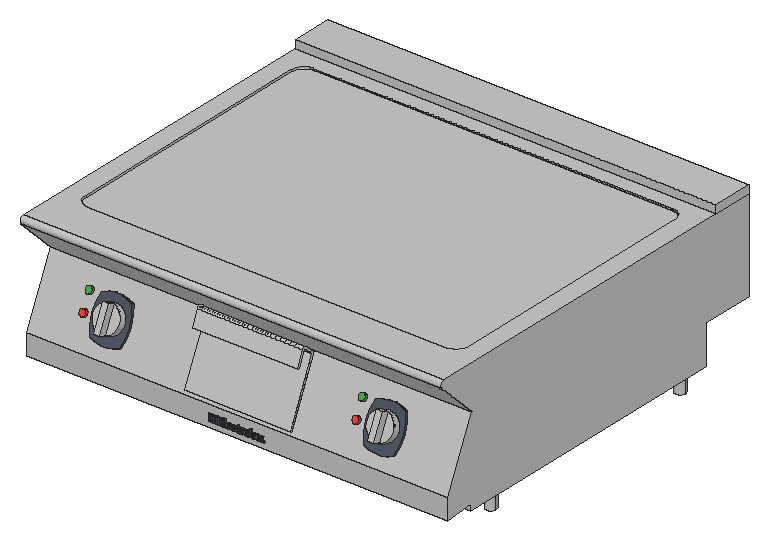
Revit family "QF_ELECTROLUXPROFESSIONAL_371347_E7IIMDAOMEA", category Specialty Equipment, Revit 2018
Family settings
  Round Connector Dimension = Use Diameter
  Part Type = Normal
  Work Plane-Based = No
  Always vertical = Yes
  Cut with Voids When Loaded = No
  Shared = No
  Room Calculation Point = No
Parameters
  Width = 800.1 mm  # constant formula
  Weight in Pounds = 185  # constant formula
  Watts = 8400 VA  # 8400 W
  Volts = 400 V  # constant formula
  URL Cutsheet = "www.electrolux.com/foodservice"
  URL = "www.electrolux.com/foodservice"
  Type Mark [instance] = ""
  Status [instance] = ""
  Specification by User [instance] = ""
  Specification by Manufacturer = ""
  Show Logo [instance] = yes
  Show Clearance [instance] = yes
  Serial Number = ""
  Seismic Rating = ""
  SMACNA No = ""
  Revision Code [instance] = ""
  Phase = 3  # constant formula
  Omniclass Number and Title = ""
  Number of Poles [instance] = 1
  NAFEM Spec ID Number = ""
  Model = "371187"
  Min Ckt Ampacity = 0 A
  Max Overcurrent Protection = 0 A
  Masterspec = ""
  Manufacturer = "ELECTROLUX"
  Item Number [instance] = ""
  Installed By [instance] = ""
  Identify Quantity as Lot [instance] = yes
  Height = 290.5 mm  # constant formula
  HP = "11.3 HP"
  Furnished By [instance] = ""
  Foodservice Equipment Identifier [instance] = yes
  FL Amps = if(Phase = 3, Watts / (Volts * 1.73), Watts / Volts)  # 12.1387 A
  Electrical Remarks [instance] = "400 V/3N ph/50/60 Hz"  # constant formula
  Electric Connection Type [instance] = ""
  Elec Conn RI Height [instance] = 0 mm
  Elec Conn Connection Height [instance] = 0 mm
  Direct Waste Size = 0"
  Description = "700XP Full Module Electricl Fry Top, 2/3 Smooth - 1/3 Ribbed Plate, Mild Steel - 400V"
  Depth = 730.25 mm  # constant formula
  Cycle [instance] = if([60 Hertz Option], 60 Hz, 50 Hz)  # 60 Hz
  Conn Plug = ""
  Conn Conduit = yes
  CSI MasterFormat = ""
  CSI Master Format = ""
  Base Height [instance] = 25.4 mm
  Apparent Power = if(Phase = 3, Volts * FL Amps * 1.73, Volts * FL Amps)  # 8400 VA
  60 Hertz Option [instance] = not([50 Hertz Option])  # yes
  50 Hertz Option [instance] = no
Reference planes
  plane 1 "BACK": y = 0
  plane 2: z = 0
  plane 3 "LEFT": x = 0
  plane 4 "RIGHT": x = 800.1
  plane 5 "FRONT": y = -730.25
  plane 6 "TOP": z = 290.5
  plane 7 "Center Y": x = 400.05
  plane 8 "Center X": y = -365.125
  plane 9 "BASE": z = 25.4
Forms (mm)
  Extrusion 1, solid, material "QF_Finishes_Clearance", visible <- "Show Clearance", detail levels coarse
    sketch origin (0, 0, 0) x (1, 0, 0) y (0, 1, 0)
      loop
        line (0, -730.25) -> (0, 0) -> (800.1, 0) -> (800.1, -730.25) -> (950.119, -730.25) -> (950.119, 150.019) -> (-150.019, 150.019) -> (-150.019, -730.25) -> (0, -730.25)
    from 0 to 290.5
  Extrusion 2, solid, material "QF_Finishes_Stainless Steel"
    sketch origin (0, 0, 0) x (0, 1, 0) y (0, 0, 1)
      loop
        line (0, 275.388) -> (-722.94, 275.388)
        arc (-722.94, 275.388) -> (-729.701, 270.87) -> (-728.114, 262.895) r 7.318
        line (-728.114, 262.895) -> (-657.676, 192.457) -> (-713.772, 70.59) -> (-713.772, 32.49) -> (-660.4, 38.1) -> (-660.4, 25.4) -> (-101.6, 25.4) -> (-101.6, 100.012) -> (0, 100.012) -> (0, 275.388)
    from 0 to 800.1
  Extrusion 3, void
    sketch origin (0, 0, 275.388) x (1, 0, 0) y (0, -1, 0)
      loop
        line (60.425, 104.885) -> (739.675, 104.885)
        arc (739.675, 104.885) -> (757.636, 112.324) -> (765.075, 130.285) r 25.4
        line (765.075, 130.285) -> (765.075, 619.485)
        arc (765.075, 619.485) -> (757.636, 637.445) -> (739.675, 644.885) r 25.4
        line (739.675, 644.885) -> (60.425, 644.885)
        arc (60.425, 644.885) -> (42.464, 637.445) -> (35.025, 619.485) r 25.4
        line (35.025, 619.485) -> (35.025, 130.285)
        arc (35.025, 130.285) -> (42.464, 112.324) -> (60.425, 104.885) r 25.4
    from 0 to 3.2
  Extrusion 4, solid, material "QF_Finishes_Stainless Steel"
    sketch origin (0, 0, 0) x (1, 0, 0) y (0, 1, 0)
      loop
        circle (11.112, -147.638) r 9.525
      loop
        circle (11.112, -597.884) r 9.525
      loop
        circle (788.987, -147.638) r 9.525
      loop
        circle (788.987, -597.884) r 9.525
    from 0 to 25.4
  Extrusion 5, solid, material "QF_Finishes_Stainless Steel"
    sketch origin (0, -101.6, 100.012) x (0, 0, -1) y (-1, 0, 0)
      loop
        circle (40.707, -749.3) r 12.7
    from 0 to 3.175
  Extrusion 6, solid, material "QF_Finishes_Stainless Steel"
    sketch origin (400.05, 175.397, 1219.2) x (0, 1, 0) y (0, 0, 1)
      loop
        line (-834.228, -1029.241) -> (-850.635, -1012.834)
        arc (-850.635, -1012.834) -> (-855.102, -1011.432) -> (-858.806, -1014.296) r 5.058
        line (-858.806, -1014.296) -> (-871.468, -1041.806) -> (-868.584, -1043.134) -> (-855.922, -1015.624)
        arc (-855.922, -1015.624) -> (-854.543, -1014.557) -> (-852.88, -1015.079) r 1.883
        line (-852.88, -1015.079) -> (-838.037, -1029.922) -> (-888.871, -1140.367) -> (-885.987, -1141.695) -> (-834.228, -1029.241)
    from 100 to -100
  Extrusion 7, solid, material "QF_Finishes_Drawer Clearance", visible <- "Show Clearance", detail levels coarse
    sketch origin (293.7, -101.6, 0) x (0, 1, 0) y (0, 0, 1)
      loop
        line (-660.751, 176.066) -> (-648.089, 203.576)
        arc (-648.089, 203.576) -> (-646.71, 204.643) -> (-645.046, 204.121) r 1.883
        line (-645.046, 204.121) -> (-630.204, 189.278) -> (-681.037, 78.833) -> (-678.153, 77.505) -> (-608.989, 77.505) -> (-557.231, 189.959) -> (-573.638, 206.366)
        arc (-573.638, 206.366) -> (-574.873, 207.273) -> (-576.323, 207.768) r 5.058
        line (-576.323, 207.768) -> (-647.269, 207.768)
        arc (-647.269, 207.768) -> (-649.472, 206.79) -> (-650.973, 204.904) r 5.058
        line (-650.973, 204.904) -> (-663.635, 177.394) -> (-660.751, 176.066)
    from 6.35 to 206.35
  Extrusion 8, solid, material "QF_Finishes_Navy Blue"
    sketch origin (0, -713.772, 70.59) x (0, 0.418137, 0.908384) y (-1, 0, 0)
      loop
        arc (100.548, -111.195) -> (65.254, -103.821) -> (29.891, -110.852) r 90.252
        arc (29.891, -110.852) -> (23.059, -139.635) -> (29.652, -168.474) r 65.19
        arc (29.652, -168.474) -> (65.166, -175.722) -> (100.621, -168.194) r 88.914
        arc (100.621, -168.194) -> (107.168, -139.686) -> (100.548, -111.195) r 64.978
    from 0 to 3.175
  Extrusion 9, solid, material "QF_Finishes_Stainless Steel"
    sketch origin (-21.25, -717.485, 70.116) x (0, 0.418137, 0.908384) y (-1, 0, 0)
      loop
        circle (68.826, -160.963) r 25.4
    from 0 to 12.7
  Extrusion 10, solid, material "QF_Finishes_Stainless Steel"
    sketch origin (-21.25, -729.022, 75.427) x (0, 0.418137, 0.908384) y (-1, 0, 0)
      loop
        arc (93.558, -166.749) -> (94.226, -160.963) -> (93.558, -155.177) r 25.4
        line (93.558, -155.177) -> (44.094, -155.177)
        arc (44.094, -155.177) -> (43.426, -160.963) -> (44.094, -166.749) r 25.4
        line (44.094, -166.749) -> (93.558, -166.749)
    from 0 to 12.7
  Extrusion 11, solid, material "QF_Finishes_Red"
    sketch origin (0, -713.772, 70.59) x (0, 0.418137, 0.908384) y (-1, 0, 0)
      loop
        circle (60.004, -87.788) r 6.35
    from 0 to 3.175
  Extrusion 12, solid, material "QF_Finishes_Red"
    sketch origin (0, -713.772, 70.59) x (0, 0.418137, 0.908384) y (-1, 0, 0)
      loop
        circle (60.004, -607.001) r 6.35
    from 0 to 3.175
  Extrusion 13, solid, material "QF_Finishes_Green"
    sketch origin (0, -713.772, 70.59) x (0, 0.418137, 0.908384) y (-1, 0, 0)
      loop
        circle (95.7, -87.788) r 6.35
    from 0 to 3.175
  Extrusion 14, solid, material "QF_Finishes_Green"
    sketch origin (0, -713.772, 70.59) x (0, 0.418137, 0.908384) y (-1, 0, 0)
      loop
        circle (95.7, -607.001) r 6.35
    from 0 to 3.175
  Extrusion 15, solid, material "QF_Finishes_Stainless Steel"
    sketch origin (0, 0, 0) x (0, 1, 0) y (0, 0, 1)
      loop
        line (0, 275.388) -> (0, 290.5) -> (-76.2, 290.5) -> (-76.2, 275.388) -> (0, 275.388)
    from 0 to 800.1
  Extrusion 16, solid, material "QF_Finishes_Stainless Steel"
    sketch origin (821.35, -717.485, 70.116) x (0, 0.418137, 0.908384) y (-1, 0, 0)
      loop
        circle (68.826, 160.963) r 25.4
    from 0 to 12.7
  Extrusion 17, solid, material "QF_Finishes_Stainless Steel"
    sketch origin (821.35, -729.022, 75.427) x (0, 0.418137, 0.908384) y (-1, 0, 0)
      loop
        line (93.558, 166.749) -> (44.094, 166.749)
        arc (44.094, 166.749) -> (43.426, 160.963) -> (44.094, 155.177) r 25.4
        line (44.094, 155.177) -> (93.558, 155.177)
        arc (93.558, 155.177) -> (94.226, 160.963) -> (93.558, 166.749) r 25.4
    from 0 to 12.7
  Extrusion 18, solid, material "QF_Finishes_Navy Blue"
    sketch origin (800.1, -713.772, 70.59) x (0, 0.418137, 0.908384) y (-1, 0, 0)
      loop
        arc (100.548, 111.2) -> (107.167, 139.689) -> (100.621, 168.194) r 64.977
        arc (100.621, 168.194) -> (65.165, 175.601) -> (29.652, 168.469) r 90.248
        arc (29.652, 168.469) -> (23.06, 139.633) -> (29.891, 110.852) r 65.189
        arc (29.891, 110.852) -> (65.255, 103.729) -> (100.548, 111.2) r 89.179
    from 0 to 3.175
  Extrusion 19, solid, material "QF_Finishes_Navy Blue", visible <- "Show Logo"
    sketch origin (58.349, -713.772, 35.665) x (0, 0, 1) y (-1, 0, 0)
      loop
        line (20.674, -296.698) -> (8.307, -296.698)
        arc (8.307, -296.698) -> (14.491, -301.27) -> (20.674, -296.698) r 6.467
      loop
        arc (20.674, -296.069) -> (19.505, -290.926) -> (14.849, -288.448) r 6.338
        line (14.849, -288.448) -> (14.849, -290.494)
        arc (14.849, -290.494) -> (16.333, -294.149) -> (19.778, -296.069) r 5.941
        line (19.778, -296.069) -> (20.674, -296.069)
      loop
        arc (9.203, -296.069) -> (12.648, -294.149) -> (14.132, -290.494) r 5.941
        line (14.132, -290.494) -> (14.132, -288.448)
        arc (14.132, -288.448) -> (9.438, -290.922) -> (8.148, -296.069) r 6.504
        line (8.148, -296.069) -> (9.203, -296.069)
      loop
        line (21.349, -287.979) -> (7.604, -287.979) -> (7.604, -301.742) -> (21.349, -301.742) -> (21.349, -287.979)
      loop
        arc (21.432, -304.71) -> (21.085, -304.352) -> (20.718, -304.69) r 0.358
        arc (20.718, -304.69) -> (20.404, -305.44) -> (19.687, -305.825) r 1.216
        line (19.687, -305.825) -> (9.274, -305.825)
        arc (9.274, -305.825) -> (8.614, -305.548) -> (8.218, -304.951) r 1.238
        arc (8.218, -304.951) -> (7.823, -304.7) -> (7.518, -305.054) r 0.358
        line (7.518, -305.054) -> (7.518, -314.933) -> (10.269, -314.933) -> (10.269, -314.036)
        arc (10.269, -314.036) -> (9.36, -313.456) -> (8.904, -312.479) r 1.928
        line (8.904, -312.479) -> (8.904, -309.98)
        arc (8.904, -309.98) -> (9.18, -309.251) -> (9.868, -308.887) r 1.101
        line (9.868, -308.887) -> (13.955, -308.887) -> (13.955, -312.561)
        arc (13.955, -312.561) -> (13.602, -313.058) -> (13.037, -313.286) r 1.083
        arc (13.037, -313.286) -> (12.773, -313.591) -> (13.065, -313.869) r 0.292
        line (13.065, -313.869) -> (16.028, -313.869)
        arc (16.028, -313.869) -> (16.33, -313.596) -> (16.092, -313.266) r 0.305
        arc (16.092, -313.266) -> (15.601, -313.018) -> (15.296, -312.561) r 1.083
        line (15.296, -312.561) -> (15.296, -308.887) -> (19.973, -308.887) -> (19.973, -312.635)
        arc (19.973, -312.635) -> (19.759, -313.39) -> (19.153, -313.888) r 1.314
        arc (19.153, -313.888) -> (18.934, -314.292) -> (19.288, -314.585) r 0.361
        line (19.288, -314.585) -> (21.432, -314.585) -> (21.432, -304.71)
      loop
        arc (20.715, -315.365) -> (20.335, -316.284) -> (19.416, -316.664) r 1.299
        line (19.416, -316.664) -> (9.837, -316.664)
        arc (9.837, -316.664) -> (8.999, -316.286) -> (8.728, -315.408) r 1.118
        line (8.728, -315.408) -> (7.518, -315.408) -> (7.518, -320.758) -> (8.706, -320.758)
        arc (8.706, -320.758) -> (8.978, -319.841) -> (9.848, -319.445) r 1.153
        line (9.848, -319.445) -> (21.92, -319.445) -> (20.715, -315.365)
      loop
        line (12.483, -323.394) -> (12.483, -329.842) -> (13.282, -329.842)
        arc (13.282, -329.842) -> (15.862, -328.857) -> (17.131, -326.404) r 3.874
        line (17.131, -326.404) -> (17.131, -324.643)
        arc (17.131, -324.643) -> (15.944, -321.778) -> (13.08, -320.592) r 4.051
        line (13.08, -320.592) -> (11.072, -320.592)
        arc (11.072, -320.592) -> (8.253, -322.077) -> (7.202, -325.084) r 4.352
        arc (7.202, -325.084) -> (7.566, -327.547) -> (8.943, -329.621) r 5.713
        line (8.943, -329.621) -> (9.892, -329.621)
        arc (9.892, -329.621) -> (9.16, -328.052) -> (8.943, -326.334) r 5.579
        arc (8.943, -326.334) -> (9.737, -324.371) -> (11.616, -323.394) r 3.057
        line (11.616, -323.394) -> (12.483, -323.394)
      loop
        line (13.742, -323.394) -> (13.742, -326.977)
        arc (13.742, -326.977) -> (15.199, -327.024) -> (16.082, -325.864) r 1.59
        line (16.082, -325.864) -> (16.082, -325.034)
        arc (16.082, -325.034) -> (15.217, -323.779) -> (13.742, -323.394) r 2.184
      loop
        arc (16.533, -339.259) -> (17.022, -337.585) -> (17.179, -335.848) r 9.023
        line (17.179, -335.848) -> (17.179, -334.486)
        arc (17.179, -334.486) -> (16.02, -331.686) -> (13.22, -330.527) r 3.959
        line (13.22, -330.527) -> (10.62, -330.527)
        arc (10.62, -330.527) -> (8.338, -331.819) -> (7.221, -334.192) r 4.331
        line (7.221, -334.192) -> (7.221, -336.327)
        arc (7.221, -336.327) -> (7.729, -337.877) -> (8.651, -339.223) r 5.772
        arc (8.651, -339.223) -> (9.412, -339.274) -> (9.499, -338.515) r 0.553
        arc (9.499, -338.515) -> (9.111, -337.781) -> (8.977, -336.962) r 2.573
        line (8.977, -336.962) -> (8.977, -335.447)
        arc (8.977, -335.447) -> (9.983, -333.806) -> (11.798, -333.163) r 2.884
        line (11.798, -333.163) -> (13.077, -333.163)
        arc (13.077, -333.163) -> (14.898, -333.723) -> (15.824, -335.388) r 2.554
        line (15.824, -335.388) -> (15.824, -336.441)
        arc (15.824, -336.441) -> (15.493, -337.369) -> (14.836, -338.104) r 2.564
        arc (14.836, -338.104) -> (14.614, -338.821) -> (15.223, -339.259) r 0.643
        line (15.223, -339.259) -> (16.533, -339.259)
      loop
        line (15.515, -339.53) -> (15.515, -341.031) -> (9.467, -341.031)
        arc (9.467, -341.031) -> (7.879, -341.688) -> (7.221, -343.276) r 2.246
        line (7.221, -343.276) -> (7.221, -344.86)
        arc (7.221, -344.86) -> (7.535, -345.725) -> (8.035, -346.496) r 4.06
        arc (8.035, -346.496) -> (8.768, -346.629) -> (9.019, -345.928) r 0.576
        arc (9.019, -345.928) -> (8.913, -345.403) -> (8.977, -344.87) r 1.69
        arc (8.977, -344.87) -> (9.519, -344.082) -> (10.425, -343.779) r 1.506
        line (10.425, -343.779) -> (15.563, -343.779) -> (15.563, -346.176) -> (16.119, -346.733) -> (16.941, -346.733) -> (16.941, -343.873) -> (20.172, -343.873) -> (15.515, -339.53)
      loop
        line (7.438, -347.63) -> (7.438, -353.017) -> (8.548, -353.017)
        arc (8.548, -353.017) -> (8.942, -352.066) -> (9.893, -351.672) r 1.345
        line (9.893, -351.672) -> (13.509, -351.672)
        arc (13.509, -351.672) -> (14.274, -352.264) -> (14.564, -353.186) r 1.615
        line (14.564, -353.186) -> (14.564, -354.742) -> (17.119, -355.427) -> (17.119, -354.044) -> (15.177, -351.485) -> (17.057, -351.485) -> (16.773, -348.779)
        arc (16.773, -348.779) -> (16.333, -348.249) -> (15.674, -348.45) r 0.621
        arc (15.674, -348.45) -> (15.274, -348.792) -> (14.78, -348.975) r 1.501
        line (14.78, -348.975) -> (9.893, -348.975)
        arc (9.893, -348.975) -> (8.942, -348.581) -> (8.548, -347.63) r 1.345
        line (8.548, -347.63) -> (7.438, -347.63)
      loop
        line (13.54, -354.964) -> (10.848, -354.964)
        arc (10.848, -354.964) -> (8.403, -356.272) -> (7.269, -358.803) r 4.288
        arc (7.269, -358.803) -> (7.205, -360.183) -> (7.269, -361.563) r 15.022
        arc (7.269, -361.563) -> (8.403, -364.094) -> (10.848, -365.401) r 4.288
        line (10.848, -365.401) -> (13.54, -365.401)
        arc (13.54, -365.401) -> (15.986, -364.094) -> (17.119, -361.563) r 4.288
        arc (17.119, -361.563) -> (17.183, -360.183) -> (17.119, -358.803) r 15.022
        arc (17.119, -358.803) -> (15.986, -356.272) -> (13.54, -354.964) r 4.288
      loop
        line (13.745, -358.078) -> (10.643, -358.078)
        arc (10.643, -358.078) -> (8.486, -360.235) -> (10.643, -362.392) r 2.157
        line (10.643, -362.392) -> (13.745, -362.392)
        arc (13.745, -362.392) -> (15.902, -360.235) -> (13.745, -358.078) r 2.157
      loop
        arc (20.726, -365.26) -> (20.355, -366.154) -> (19.461, -366.524) r 1.264
        line (19.461, -366.524) -> (9.597, -366.524)
        arc (9.597, -366.524) -> (8.727, -366.127) -> (8.455, -365.211) r 1.153
        line (8.455, -365.211) -> (7.518, -365.211) -> (7.518, -370.319) -> (8.446, -370.319)
        arc (8.446, -370.319) -> (8.805, -369.547) -> (9.597, -369.232) r 1.153
        line (9.597, -369.232) -> (21.92, -369.232) -> (20.726, -365.26)
      loop
        arc (15.846, -369.857) -> (15.647, -370.921) -> (14.678, -371.403) r 1.215
        line (14.678, -371.403) -> (9.658, -371.403)
        arc (9.658, -371.403) -> (8.043, -372.051) -> (7.322, -373.634) r 2.338
        line (7.322, -373.634) -> (7.322, -375.148)
        arc (7.322, -375.148) -> (7.497, -376.152) -> (7.999, -377.038) r 2.979
        line (7.999, -377.038) -> (7.518, -378.835) -> (7.518, -380.524) -> (16.943, -380.524) -> (16.649, -376.32) -> (15.863, -376.32)
        arc (15.863, -376.32) -> (15.507, -377.156) -> (14.755, -377.665) r 1.605
        line (14.755, -377.665) -> (9.652, -377.665)
        arc (9.652, -377.665) -> (9.232, -376.728) -> (9.159, -375.704) r 2.94
        arc (9.159, -375.704) -> (9.72, -374.603) -> (10.873, -374.16) r 1.724
        line (10.873, -374.16) -> (17.07, -374.16) -> (15.846, -369.857)
      loop
        line (16.874, -381.377) -> (15.202, -383.423) -> (12.028, -385.729) -> (8.572, -382.617)
        arc (8.572, -382.617) -> (8.335, -382.223) -> (8.357, -381.764) r 0.789
        line (8.357, -381.764) -> (7.518, -381.764) -> (7.518, -385.309) -> (8.344, -385.309)
        arc (8.344, -385.309) -> (8.686, -384.947) -> (9.176, -385.039) r 0.52
        line (9.176, -385.039) -> (10.976, -386.51) -> (8.858, -387.886)
        arc (8.858, -387.886) -> (8.457, -387.576) -> (8.37, -387.076) r 0.7
        line (8.37, -387.076) -> (7.518, -387.076) -> (7.518, -393.003) -> (8.405, -393.003)
        arc (8.405, -393.003) -> (8.472, -392.344) -> (8.866, -391.813) r 1.247
        line (8.866, -391.813) -> (13.066, -388.532) -> (15.513, -390.585) -> (16.874, -392.327) -> (16.874, -388.604) -> (15.389, -389.026) -> (13.868, -387.749) -> (15.568, -386.559) -> (16.874, -387.336) -> (16.874, -381.377)
    from 0 to 1.644
Cuts and joins
  Extrusion 3 cuts Extrusion 1
  Extrusion 3 cuts Extrusion 2
Lines and regions (mm)
  symbolic lines, style "QF-Clearances", visible <- "Show Clearance", detail levels coarse
    curve 1: line (-150.019, 150.019, 274.638) -> (-150.019, -730.25, 274.638)
    curve 2: line (950.119, 150.019, 274.638) -> (-150.019, 150.019, 274.638)
    curve 3: line (950.119, -730.25, 274.638) -> (950.119, 150.019, 274.638)
  symbolic lines
    curve 4: line (0, 0, 274.638) -> (800.1, 0, 274.638)
    curve 5: line (0, -730.25, 274.638) -> (0, 0, 274.638)
    curve 6: line (800.1, 0, 274.638) -> (800.1, -730.25, 274.638)
    curve 7: arc (35.025, -619.485, 274.638) -> (42.464, -637.445, 274.638) -> (60.425, -644.885, 274.638) r 25.4
    curve 8: arc (739.315, -644.885, 274.638) -> (757.836, -637.213, 274.638) -> (765.507, -618.692, 274.638) r 26.193
    curve 9: line (0, -76.2, 274.638) -> (800.1, -76.2, 274.638)
    curve 10: line (800.1, -730.25, 274.638) -> (0, -730.25, 274.638)
    curve 11: arc (64.125, -104.885, 274.638) -> (43.548, -113.408, 274.638) -> (35.025, -133.985, 274.638) r 29.1
    curve 12: arc (739.963, -104.885, 274.638) -> (758.026, -112.367, 274.638) -> (765.507, -130.429, 274.638) r 25.544
    curve 13: line (60.425, -644.885, 274.638) -> (739.315, -644.885, 274.638)
    curve 17: line (35.025, -133.985, 274.638) -> (35.025, -619.485, 274.638)
    curve 18: line (64.125, -104.885, 274.638) -> (739.963, -104.885, 274.638)
    curve 19: line (765.507, -130.429, 274.638) -> (765.507, -618.692, 274.638)
  symbolic lines, style "QF_Drawer Clearance", visible <- "Show Clearance", detail levels coarse
    curve 14: line (300.05, -782.637, 274.638) -> (500.05, -782.637, 274.638)
    curve 15: line (500.05, -782.637, 274.638) -> (500.05, -730.25, 274.638)
    curve 16: line (300.05, -782.637, 274.638) -> (300.05, -730.25, 274.638)
Dimensions and locks
  equal spacing: plane 3 "LEFT", plane 7 "Center Y", plane 4 "RIGHT"
  "Width": plane 3 "LEFT" to plane 4 "RIGHT"
  equal spacing: plane 5 "FRONT", plane 8 "Center X", plane 1 "BACK"
  "Depth": plane 5 "FRONT" to plane 1 "BACK"
  plane 1 "BACK" to plane 5 "FRONT" = 730.25 mm
  "Base Height": plane 9 "BASE" to level
  plane 9 "BASE" to level = 25.4 mm
  "Height": plane 6 "TOP" to level
  aligned and locked: level to plane 2
  aligned and locked: plane 6 "TOP" to Extrusion 1
  aligned and locked: plane 4 "RIGHT" to cut or joined group of Extrusion 2, Extrusion 3
  aligned and locked: plane 4 "RIGHT" to Extrusion 15
Automatic sketch dimensions
  plane 5 "FRONT" to Extrusion 1 sketch curve = 0 mm  (x2)
  plane 1 "BACK" to Extrusion 1 sketch curve = 0 mm
  Extrusion 1 sketch curve to plane 3 "LEFT" = 0 mm
  Extrusion 1 sketch curve to plane 4 "RIGHT" = 0 mm
  Extrusion 1 sketch curve to plane 3 "LEFT" = 150.019 mm
  plane 4 "RIGHT" to Extrusion 1 sketch curve = 150.019 mm
  Extrusion 1 sketch curve to plane 1 "BACK" = 150.019 mm
  Extrusion 2 sketch curve to plane 9 "BASE" = 0 mm
  Extrusion 2 sketch curve to plane 1 "BACK" = 0 mm
  plane 1 "BACK" to Extrusion 2 sketch curve = 101.6 mm
  Extrusion 2 sketch curve to plane 5 "FRONT" = 72.574 mm
  plane 9 "BASE" to Extrusion 2 sketch curve = 12.7 mm
  Extrusion 2 sketch curve to plane 5 "FRONT" = 69.85 mm
  Extrusion 2 sketch curve to plane 5 "FRONT" = 16.478 mm
  Extrusion 2 sketch curve to plane 5 "FRONT" = 7.31 mm
  Extrusion 2 sketch curve to plane 5 "FRONT" = 2.136 mm
  plane 9 "BASE" to Extrusion 2 sketch curve = 7.09 mm
  Extrusion 2 sketch curve to Extrusion 2 sketch curve = 38.1 mm
  plane 9 "BASE" to Extrusion 2 sketch curve = 74.612 mm
  Extrusion 2 sketch curve to plane 6 "TOP" = 98.043 mm
  Extrusion 2 sketch curve to plane 6 "TOP" = 27.605 mm
  Extrusion 2 sketch curve to Extrusion 2 sketch curve = 5.174 mm
  Extrusion 2 to Extrusion 3 sketch curve = 35.025 mm
  Extrusion 3 sketch curve to Extrusion 3 sketch curve = 25.4 mm  (x3)
  Extrusion 2 to Extrusion 3 sketch curve = 60.425 mm  (x2)
  Extrusion 2 to Extrusion 3 sketch curve = 78.055 mm
  Extrusion 2 to Extrusion 3 sketch curve = 130.285 mm
  plane 3 "LEFT" to Extrusion 4 sketch curve = 11.112 mm  (x2)
  Extrusion 4 sketch curve to plane 4 "RIGHT" = 11.113 mm  (x2)
  Extrusion 4 sketch curve to plane 5 "FRONT" = 132.366 mm  (x2)
  plane 1 "BACK" to Extrusion 4 sketch curve = 147.638 mm  (x2)
  Extrusion 2 to Extrusion 5 sketch curve = 33.906 mm
  Extrusion 2 to Extrusion 5 sketch curve = 50.8 mm
  Extrusion 6 sketch curve to Extrusion 6 sketch curve = 0 mm  (x2)
  Extrusion 6 sketch curve to plane 5 "FRONT" = 16.776 mm
  Extrusion 6 sketch curve to Extrusion 6 sketch curve = 2.884 mm  (x3)
  Extrusion 6 sketch curve to plane 5 "FRONT" = 34.179 mm
  Extrusion 6 sketch curve to Extrusion 6 sketch curve = 12.662 mm
  Extrusion 6 sketch curve to Extrusion 6 sketch curve = 1.711 mm
  Extrusion 6 sketch curve to Extrusion 6 sketch curve = 1.332 mm
  Extrusion 6 sketch curve to Extrusion 6 sketch curve = 2.245 mm
  Extrusion 6 sketch curve to Extrusion 6 sketch curve = 14.843 mm
  Extrusion 6 sketch curve to Extrusion 6 sketch curve = 3.809 mm
  plane 9 "BASE" to Extrusion 6 sketch curve = 52.105 mm
  Extrusion 6 sketch curve to Extrusion 6 sketch curve = 1.327 mm  (x2)
  Extrusion 6 sketch curve to Extrusion 6 sketch curve = 13.211 mm
  Extrusion 6 sketch curve to Extrusion 6 sketch curve = 0.787 mm
  Extrusion 7 sketch curve to Extrusion 7 sketch curve = 0 mm  (x2)
  plane 5 "FRONT" to Extrusion 7 sketch curve = 52.387 mm
  Extrusion 7 sketch curve to Extrusion 7 sketch curve = 2.884 mm  (x3)
  plane 5 "FRONT" to Extrusion 7 sketch curve = 34.985 mm
  plane 5 "FRONT" to Extrusion 7 sketch curve = 22.323 mm
  Extrusion 7 sketch curve to Extrusion 7 sketch curve = 0.82 mm
  Extrusion 7 sketch curve to Extrusion 7 sketch curve = 1.711 mm
  Extrusion 7 sketch curve to Extrusion 7 sketch curve = 1.332 mm
  plane 5 "FRONT" to Extrusion 7 sketch curve = 1.554 mm
  Extrusion 7 sketch curve to plane 5 "FRONT" = 19.661 mm
  Extrusion 7 sketch curve to plane 5 "FRONT" = 51.436 mm
  Extrusion 7 sketch curve to Extrusion 7 sketch curve = 0.891 mm
  Extrusion 7 sketch curve to Extrusion 7 sketch curve = 2.686 mm
  Extrusion 7 sketch curve to Extrusion 7 sketch curve = 16.406 mm
  plane 9 "BASE" to Extrusion 7 sketch curve = 52.105 mm
  Extrusion 7 sketch curve to Extrusion 7 sketch curve = 1.327 mm  (x2)
  Extrusion 7 sketch curve to Extrusion 7 sketch curve = 13.211 mm
  Extrusion 7 sketch curve to Extrusion 7 sketch curve = 0.681 mm
  Extrusion 7 sketch curve to Extrusion 7 sketch curve = 0.787 mm
  Extrusion 7 sketch curve to Extrusion 7 sketch curve = 4.979 mm
  Extrusion 8 sketch curve to Extrusion 2 = 29.652 mm
  Extrusion 8 sketch curve to Extrusion 2 = 29.891 mm
  Extrusion 8 sketch curve to Extrusion 8 sketch curve = 12.538 mm
  Extrusion 8 sketch curve to Extrusion 8 sketch curve = 35.163 mm
  Extrusion 8 sketch curve to Extrusion 8 sketch curve = 34.925 mm
  Extrusion 2 to Extrusion 8 sketch curve = 45.909 mm
  Extrusion 8 sketch curve to Extrusion 8 sketch curve = 12.3 mm
  Extrusion 8 sketch curve to Extrusion 8 sketch curve = 12.373 mm
  Extrusion 2 to Extrusion 8 sketch curve = 194.072 mm
  Extrusion 8 sketch curve to Extrusion 8 sketch curve = 25.598 mm
  Extrusion 8 sketch curve to Extrusion 8 sketch curve = 25.878 mm
  Extrusion 8 sketch curve to Extrusion 8 sketch curve = 28.289 mm
  Extrusion 10 sketch curve to Extrusion 10 sketch curve = 24.732 mm
  Extrusion 10 sketch curve to Extrusion 10 sketch curve = 0 mm
  Extrusion 11 sketch curve to Extrusion 2 = 60.004 mm
  Extrusion 2 to Extrusion 11 sketch curve = 87.788 mm
  Extrusion 12 sketch curve to Extrusion 2 = 60.004 mm
  Extrusion 2 to Extrusion 12 sketch curve = 193.099 mm
  Extrusion 2 to Extrusion 13 sketch curve = 38.458 mm
  Extrusion 2 to Extrusion 13 sketch curve = 87.788 mm
  Extrusion 2 to Extrusion 14 sketch curve = 38.458 mm
  Extrusion 2 to Extrusion 14 sketch curve = 193.099 mm
  Extrusion 15 sketch curve to plane 6 "TOP" = 0 mm
  Extrusion 15 sketch curve to plane 1 "BACK" = 0 mm
  plane 1 "BACK" to Extrusion 15 sketch curve = 76.2 mm
  Extrusion 15 sketch curve to plane 6 "TOP" = 15.112 mm
  Extrusion 17 sketch curve to Extrusion 17 sketch curve = 24.732 mm
  Extrusion 17 sketch curve to Extrusion 17 sketch curve = 0 mm
  Extrusion 18 sketch curve to Extrusion 2 = 29.652 mm
  Extrusion 18 sketch curve to Extrusion 2 = 29.891 mm
  Extrusion 18 sketch curve to Extrusion 18 sketch curve = 12.538 mm
  Extrusion 18 sketch curve to Extrusion 18 sketch curve = 35.163 mm
  Extrusion 18 sketch curve to Extrusion 18 sketch curve = 34.925 mm
  Extrusion 2 to Extrusion 18 sketch curve = 45.909 mm
  Extrusion 18 sketch curve to Extrusion 18 sketch curve = 12.3 mm
  Extrusion 18 sketch curve to Extrusion 18 sketch curve = 12.373 mm
  Extrusion 2 to Extrusion 18 sketch curve = 85.354 mm
  Extrusion 18 sketch curve to Extrusion 18 sketch curve = 25.498 mm
  Extrusion 18 sketch curve to Extrusion 18 sketch curve = 25.846 mm
  Extrusion 18 sketch curve to Extrusion 18 sketch curve = 28.921 mm
  plane 5 "FRONT" to curve 3 = 0 mm
  plane 1 "BACK" to curve 4 = 0 mm
  curve 4 to plane 4 "RIGHT" = 0 mm
  plane 5 "FRONT" to curve 15 = 0 mm
  curve 5 to plane 3 "LEFT" = 0 mm
  plane 5 "FRONT" to curve 1 = 0 mm
  plane 4 "RIGHT" to curve 3 = 150.019 mm
  curve 8 to plane 4 "RIGHT" = 34.593 mm
  curve 12 to curve 12 = 25.544 mm
  curve 19 to curve 8 = 26.193 mm
  plane 7 "Center Y" to curve 15 = 100 mm
  curve 16 to plane 7 "Center Y" = 100 mm
  plane 3 "LEFT" to curve 18 = 64.125 mm
  plane 3 "LEFT" to curve 13 = 60.425 mm
  curve 7 to curve 7 = 25.4 mm
  curve 1 to plane 3 "LEFT" = 150.019 mm
  curve 1 to plane 1 "BACK" = 150.019 mm
  plane 1 "BACK" to curve 9 = 76.2 mm
  curve 9 to curve 18 = 28.685 mm
  curve 19 to plane 5 "FRONT" = 111.558 mm
  plane 5 "FRONT" to curve 14 = 52.387 mm
  plane 9 "BASE" to Extrusion 19 sketch curve = 12.426 mm
  plane 9 "BASE" to Extrusion 19 sketch curve = 17.467 mm
  plane 7 "Center Y" to Extrusion 19 sketch curve = 3.159 mm
  Extrusion 19 sketch curve to Extrusion 19 sketch curve = 5.06 mm
  Extrusion 19 sketch curve to Extrusion 19 sketch curve = 0 mm  (x28)
  Extrusion 19 sketch curve to Extrusion 19 sketch curve = 5.108 mm  (x2)
  Extrusion 19 sketch curve to Extrusion 19 sketch curve = 0.054 mm
  Extrusion 19 sketch curve to Extrusion 19 sketch curve = 0.218 mm
  Extrusion 19 sketch curve to Extrusion 19 sketch curve = 0.195 mm
  Extrusion 19 sketch curve to Extrusion 19 sketch curve = 0.249 mm
  plane 9 "BASE" to Extrusion 19 sketch curve = 17.783 mm
  Extrusion 19 sketch curve to Extrusion 19 sketch curve = 0.087 mm
  Extrusion 19 sketch curve to Extrusion 19 sketch curve = 0.358 mm
  Extrusion 19 sketch curve to Extrusion 19 sketch curve = 0.481 mm
  Extrusion 19 sketch curve to Extrusion 19 sketch curve = 0.597 mm
  Extrusion 19 sketch curve to Extrusion 19 sketch curve = 0.544 mm
  Extrusion 19 sketch curve to Extrusion 19 sketch curve = 0.936 mm
  Extrusion 19 sketch curve to Extrusion 19 sketch curve = 0.594 mm
  Extrusion 19 sketch curve to Extrusion 19 sketch curve = 0.343 mm
  Extrusion 19 sketch curve to Extrusion 19 sketch curve = 0.159 mm
  Extrusion 19 sketch curve to Extrusion 19 sketch curve = 0.826 mm
  Extrusion 19 sketch curve to Extrusion 19 sketch curve = 0.839 mm
  Extrusion 19 sketch curve to Extrusion 19 sketch curve = 0.852 mm
  Extrusion 19 sketch curve to Extrusion 19 sketch curve = 0.887 mm
  Extrusion 19 sketch curve to Extrusion 19 sketch curve = 0.928 mm
  Extrusion 19 sketch curve to Extrusion 19 sketch curve = 0.938 mm
  Extrusion 19 sketch curve to Extrusion 19 sketch curve = 0.444 mm
  Extrusion 19 sketch curve to Extrusion 19 sketch curve = 1.11 mm  (x3)
  Extrusion 19 sketch curve to Extrusion 19 sketch curve = 0.215 mm
  Extrusion 19 sketch curve to Extrusion 19 sketch curve = 1.43 mm
  Extrusion 19 sketch curve to Extrusion 19 sketch curve = 1.188 mm
  Extrusion 19 sketch curve to Extrusion 19 sketch curve = 1.21 mm  (x2)
  Extrusion 19 sketch curve to Extrusion 19 sketch curve = 0.503 mm
  Extrusion 19 sketch curve to Extrusion 19 sketch curve = 0.488 mm
  Extrusion 19 sketch curve to Extrusion 19 sketch curve = 0.462 mm
  Extrusion 19 sketch curve to Extrusion 19 sketch curve = 1.386 mm
  Extrusion 19 sketch curve to Extrusion 19 sketch curve = 1.742 mm  (x2)
  Extrusion 19 sketch curve to Extrusion 19 sketch curve = 0.821 mm
  Extrusion 19 sketch curve to Extrusion 19 sketch curve = 0.497 mm
  Extrusion 19 sketch curve to Extrusion 19 sketch curve = 0.539 mm
  Extrusion 19 sketch curve to Extrusion 19 sketch curve = 0.686 mm
  Extrusion 19 sketch curve to Extrusion 19 sketch curve = 0.408 mm
  Extrusion 19 sketch curve to Extrusion 19 sketch curve = 0.743 mm
  Extrusion 19 sketch curve to Extrusion 19 sketch curve = 1.16 mm
  Extrusion 19 sketch curve to Extrusion 19 sketch curve = 0.329 mm
  Extrusion 19 sketch curve to Extrusion 19 sketch curve = 1.054 mm
  Extrusion 19 sketch curve to Extrusion 19 sketch curve = 1.056 mm
  Extrusion 19 sketch curve to Extrusion 19 sketch curve = 0.129 mm
  Extrusion 19 sketch curve to Extrusion 19 sketch curve = 0.489 mm
  Extrusion 19 sketch curve to Extrusion 19 sketch curve = 0.441 mm
  Extrusion 19 sketch curve to Extrusion 19 sketch curve = 1.151 mm
  Extrusion 19 sketch curve to Extrusion 19 sketch curve = 1.141 mm  (x2)
  Extrusion 19 sketch curve to Extrusion 19 sketch curve = 0.768 mm
  Extrusion 19 sketch curve to Extrusion 19 sketch curve = 1.653 mm
  Extrusion 19 sketch curve to Extrusion 19 sketch curve = 0.499 mm
  Extrusion 19 sketch curve to Extrusion 19 sketch curve = 0.964 mm
  Extrusion 19 sketch curve to Extrusion 19 sketch curve = 0.949 mm
  Extrusion 19 sketch curve to Extrusion 19 sketch curve = 1.345 mm  (x2)
  Extrusion 19 sketch curve to Extrusion 19 sketch curve = 1.101 mm
  Extrusion 19 sketch curve to Extrusion 19 sketch curve = 0.432 mm
  Extrusion 19 sketch curve to Extrusion 19 sketch curve = 1.142 mm
  Extrusion 19 sketch curve to Extrusion 19 sketch curve = 0.959 mm
  Extrusion 19 sketch curve to Extrusion 19 sketch curve = 0.176 mm
  Extrusion 19 sketch curve to Extrusion 19 sketch curve = 0.728 mm
  Extrusion 19 sketch curve to Extrusion 19 sketch curve = 3.375 mm  (x2)
  Extrusion 19 sketch curve to Extrusion 19 sketch curve = 0.541 mm
  Extrusion 19 sketch curve to Extrusion 19 sketch curve = 0.955 mm
  Extrusion 19 sketch curve to Extrusion 19 sketch curve = 1.251 mm
  Extrusion 19 sketch curve to Extrusion 19 sketch curve = 0.572 mm
  Extrusion 19 sketch curve to Extrusion 19 sketch curve = 1.92 mm
  Extrusion 19 sketch curve to Extrusion 19 sketch curve = 1.224 mm
  Extrusion 19 sketch curve to Extrusion 19 sketch curve = 0.745 mm
  Extrusion 19 sketch curve to Extrusion 19 sketch curve = 2.537 mm
  Extrusion 19 sketch curve to Extrusion 19 sketch curve = 0.896 mm  (x3)
  Extrusion 19 sketch curve to Extrusion 19 sketch curve = 0.036 mm
  Extrusion 19 sketch curve to Extrusion 19 sketch curve = 2.607 mm
  Extrusion 19 sketch curve to Extrusion 19 sketch curve = 0.066 mm
  Extrusion 19 sketch curve to Extrusion 19 sketch curve = 0.248 mm
  Extrusion 19 sketch curve to Extrusion 19 sketch curve = 0.449 mm
  Extrusion 19 sketch curve to Extrusion 19 sketch curve = 1.052 mm
  Extrusion 19 sketch curve to Extrusion 19 sketch curve = 1.863 mm
  Extrusion 19 sketch curve to Extrusion 19 sketch curve = 1.31 mm  (x2)
  Extrusion 19 sketch curve to Extrusion 19 sketch curve = 0.901 mm
  Extrusion 19 sketch curve to Extrusion 19 sketch curve = 1.107 mm
  Extrusion 19 sketch curve to Extrusion 19 sketch curve = 2.122 mm
  Extrusion 19 sketch curve to Extrusion 19 sketch curve = 2.101 mm
  Extrusion 19 sketch curve to Extrusion 19 sketch curve = 0.106 mm
  Extrusion 19 sketch curve to Extrusion 19 sketch curve = 0.029 mm
  Extrusion 19 sketch curve to Extrusion 19 sketch curve = 2.09 mm
  Extrusion 19 sketch curve to Extrusion 19 sketch curve = 1.279 mm
  Extrusion 19 sketch curve to Extrusion 19 sketch curve = 2.008 mm
  Extrusion 19 sketch curve to Extrusion 19 sketch curve = 0.738 mm
  Extrusion 19 sketch curve to Extrusion 19 sketch curve = 0.382 mm
  Extrusion 19 sketch curve to Extrusion 19 sketch curve = 0.384 mm
  Extrusion 19 sketch curve to Extrusion 19 sketch curve = 0.002 mm
  Extrusion 19 sketch curve to Extrusion 19 sketch curve = 0.561 mm
  Extrusion 19 sketch curve to Extrusion 19 sketch curve = 0.592 mm
  Extrusion 19 sketch curve to Extrusion 19 sketch curve = 2.692 mm
  Extrusion 19 sketch curve to Extrusion 19 sketch curve = 1.259 mm
  Extrusion 19 sketch curve to Extrusion 19 sketch curve = 0.802 mm
  Extrusion 19 sketch curve to Extrusion 19 sketch curve = 1.024 mm  (x2)
  Extrusion 19 sketch curve to Extrusion 19 sketch curve = 0.682 mm
  Extrusion 19 sketch curve to Extrusion 19 sketch curve = 5.934 mm
  Extrusion 19 sketch curve to Extrusion 19 sketch curve = 2.186 mm
  Extrusion 19 sketch curve to Extrusion 19 sketch curve = 0.337 mm
  Extrusion 19 sketch curve to Extrusion 19 sketch curve = 0.021 mm
  Extrusion 19 sketch curve to Extrusion 19 sketch curve = 1.005 mm
  Extrusion 19 sketch curve to Extrusion 19 sketch curve = 0.552 mm
  Extrusion 19 sketch curve to Extrusion 19 sketch curve = 0.778 mm
  Extrusion 19 sketch curve to Extrusion 19 sketch curve = 0.063 mm
  Extrusion 19 sketch curve to Extrusion 19 sketch curve = 1.023 mm
  Extrusion 19 sketch curve to Extrusion 19 sketch curve = 3.804 mm
  Extrusion 19 sketch curve to Extrusion 19 sketch curve = 0.486 mm
  Extrusion 19 sketch curve to Extrusion 19 sketch curve = 0.266 mm  (x2)
  Extrusion 19 sketch curve to Extrusion 19 sketch curve = 1.547 mm
  Extrusion 19 sketch curve to Extrusion 19 sketch curve = 0.717 mm  (x2)
  Extrusion 19 sketch curve to Extrusion 19 sketch curve = 1.667 mm
  Extrusion 19 sketch curve to Extrusion 19 sketch curve = 3.174 mm
  Extrusion 19 sketch curve to Extrusion 19 sketch curve = 0.388 mm
  Extrusion 19 sketch curve to Extrusion 19 sketch curve = 1.342 mm
  Extrusion 19 sketch curve to Extrusion 19 sketch curve = 1.521 mm
  Extrusion 19 sketch curve to Extrusion 19 sketch curve = 0.124 mm
  Extrusion 19 sketch curve to Extrusion 19 sketch curve = 0.291 mm
  plane 7 "Center Y" to Extrusion 19 sketch curve = 4.475 mm
  Extrusion 19 sketch curve to Extrusion 19 sketch curve = 1.049 mm  (x2)
  Extrusion 19 sketch curve to Extrusion 19 sketch curve = 1.7 mm
  Extrusion 19 sketch curve to Extrusion 19 sketch curve = 0.894 mm
  Extrusion 19 sketch curve to Extrusion 19 sketch curve = 0.989 mm
  Extrusion 19 sketch curve to Extrusion 19 sketch curve = 1.168 mm
  Extrusion 19 sketch curve to Extrusion 19 sketch curve = 1.594 mm
  Extrusion 19 sketch curve to Extrusion 19 sketch curve = 0.731 mm
  Extrusion 19 sketch curve to Extrusion 19 sketch curve = 1.566 mm
  Extrusion 19 sketch curve to Extrusion 19 sketch curve = 0.064 mm
  plane 7 "Center Y" to Extrusion 19 sketch curve = 5.031 mm
  Extrusion 19 sketch curve to Extrusion 19 sketch curve = 0.556 mm  (x2)
  Extrusion 19 sketch curve to Extrusion 19 sketch curve = 0.48 mm
  Extrusion 19 sketch curve to Extrusion 19 sketch curve = 1.018 mm
  Extrusion 19 sketch curve to Extrusion 19 sketch curve = 0.787 mm
  Extrusion 19 sketch curve to Extrusion 19 sketch curve = 0.618 mm
  Extrusion 19 sketch curve to Extrusion 19 sketch curve = 1.672 mm
  Extrusion 19 sketch curve to Extrusion 19 sketch curve = 1.361 mm
  Extrusion 19 sketch curve to Extrusion 19 sketch curve = 0.822 mm
  Extrusion 19 sketch curve to Extrusion 19 sketch curve = 0.069 mm
  Extrusion 19 sketch curve to Extrusion 19 sketch curve = 1.88 mm
  Extrusion 19 sketch curve to Extrusion 19 sketch curve = 0.42 mm
  Extrusion 19 sketch curve to Extrusion 19 sketch curve = 0.062 mm
  Extrusion 19 sketch curve to Extrusion 19 sketch curve = 1.355 mm
  Extrusion 19 sketch curve to Extrusion 19 sketch curve = 2.34 mm
  Extrusion 19 sketch curve to Extrusion 19 sketch curve = 0.493 mm
  Extrusion 19 sketch curve to Extrusion 19 sketch curve = 0.136 mm
  Extrusion 19 sketch curve to Extrusion 19 sketch curve = 0.128 mm
  Extrusion 19 sketch curve to Extrusion 19 sketch curve = 3.616 mm
  Extrusion 19 sketch curve to Extrusion 19 sketch curve = 4.207 mm
  Extrusion 19 sketch curve to Extrusion 19 sketch curve = 0.183 mm
  Extrusion 19 sketch curve to Extrusion 19 sketch curve = 0.895 mm
  Extrusion 19 sketch curve to Extrusion 19 sketch curve = 1.314 mm
  Extrusion 19 sketch curve to Extrusion 19 sketch curve = 3.231 mm
  Extrusion 19 sketch curve to Extrusion 19 sketch curve = 1.299 mm
  Extrusion 19 sketch curve to Extrusion 19 sketch curve = 1.214 mm
  Extrusion 19 sketch curve to Extrusion 19 sketch curve = 1.264 mm
  Extrusion 19 sketch curve to Extrusion 19 sketch curve = 0.109 mm
  Extrusion 19 sketch curve to Extrusion 19 sketch curve = 0.357 mm
  Extrusion 19 sketch curve to Extrusion 19 sketch curve = 0.565 mm
  Extrusion 19 sketch curve to Extrusion 19 sketch curve = 2.504 mm
  Extrusion 19 sketch curve to Extrusion 19 sketch curve = 2.459 mm
  Extrusion 19 sketch curve to Extrusion 19 sketch curve = 1.322 mm
  Extrusion 19 sketch curve to Extrusion 19 sketch curve = 2.77 mm
  Extrusion 19 sketch curve to Extrusion 19 sketch curve = 2.51 mm
  Extrusion 19 sketch curve to Extrusion 19 sketch curve = 0.187 mm
  Extrusion 19 sketch curve to Extrusion 19 sketch curve = 2.559 mm
  Extrusion 19 sketch curve to Extrusion 19 sketch curve = 1.556 mm
  Extrusion 19 sketch curve to Extrusion 19 sketch curve = 0.222 mm
  Extrusion 19 sketch curve to Extrusion 19 sketch curve = 1.383 mm
  Extrusion 19 sketch curve to Extrusion 19 sketch curve = 3.114 mm
  Extrusion 19 sketch curve to Extrusion 19 sketch curve = 3.376 mm
  Extrusion 19 sketch curve to Extrusion 19 sketch curve = 0.934 mm
  Extrusion 19 sketch curve to Extrusion 19 sketch curve = 0.191 mm
  Extrusion 19 sketch curve to Extrusion 19 sketch curve = 3.696 mm
  Extrusion 19 sketch curve to Extrusion 19 sketch curve = 2.708 mm
  Extrusion 19 sketch curve to Extrusion 19 sketch curve = 3.333 mm
  Extrusion 19 sketch curve to Extrusion 19 sketch curve = 0.332 mm
  Extrusion 19 sketch curve to Extrusion 19 sketch curve = 1.087 mm
  Extrusion 19 sketch curve to Extrusion 19 sketch curve = 2.23 mm
  Extrusion 19 sketch curve to Extrusion 19 sketch curve = 2.757 mm
  Extrusion 19 sketch curve to Extrusion 19 sketch curve = 0.987 mm
  Extrusion 19 sketch curve to Extrusion 19 sketch curve = 1.529 mm
  Extrusion 19 sketch curve to Extrusion 19 sketch curve = 1.796 mm
  Extrusion 19 sketch curve to Extrusion 19 sketch curve = 2.859 mm
  Extrusion 19 sketch curve to Extrusion 19 sketch curve = 0.853 mm
  Extrusion 19 sketch curve to Extrusion 19 sketch curve = 1.241 mm
  Extrusion 19 sketch curve to Extrusion 19 sketch curve = 2.046 mm  (x2)
  Extrusion 19 sketch curve to Extrusion 19 sketch curve = 2.422 mm
  Extrusion 19 sketch curve to Extrusion 19 sketch curve = 0.27 mm  (x2)
  Extrusion 19 sketch curve to Extrusion 19 sketch curve = 0.69 mm
  Extrusion 19 sketch curve to Extrusion 19 sketch curve = 0.781 mm  (x2)
  Extrusion 19 sketch curve to Extrusion 19 sketch curve = 3.136 mm
  Extrusion 19 sketch curve to Extrusion 19 sketch curve = 1.767 mm
  Extrusion 19 sketch curve to Extrusion 19 sketch curve = 0.138 mm
  Extrusion 19 sketch curve to Extrusion 19 sketch curve = 0.777 mm
  Extrusion 19 sketch curve to Extrusion 19 sketch curve = 1.19 mm
  Extrusion 19 sketch curve to Extrusion 19 sketch curve = 0.782 mm
  Extrusion 19 sketch curve to Extrusion 19 sketch curve = 1.268 mm
  Extrusion 19 sketch curve to Extrusion 19 sketch curve = 0.422 mm  (x2)
  Extrusion 19 sketch curve to Extrusion 19 sketch curve = 1.559 mm
  Extrusion 19 sketch curve to Extrusion 19 sketch curve = 3.927 mm
  Extrusion 19 sketch curve to Extrusion 19 sketch curve = 0.983 mm
  Extrusion 19 sketch curve to Extrusion 19 sketch curve = 1.134 mm
  Extrusion 19 sketch curve to Extrusion 19 sketch curve = 0.094 mm
  plane 7 "Center Y" to Extrusion 19 sketch curve = 1.575 mm
  Extrusion 19 sketch curve to Extrusion 19 sketch curve = 1.501 mm
  Extrusion 19 sketch curve to Extrusion 19 sketch curve = 1.808 mm
  Extrusion 19 sketch curve to Extrusion 19 sketch curve = 0.643 mm
  Extrusion 19 sketch curve to Extrusion 19 sketch curve = 0.916 mm
  Extrusion 19 sketch curve to Extrusion 19 sketch curve = 0.352 mm
  Extrusion 19 sketch curve to Extrusion 19 sketch curve = 0.458 mm
  Extrusion 19 sketch curve to Extrusion 19 sketch curve = 1.282 mm
  Extrusion 19 sketch curve to Extrusion 19 sketch curve = 1.363 mm
  Extrusion 19 sketch curve to Extrusion 19 sketch curve = 0.685 mm
  Extrusion 19 sketch curve to Extrusion 19 sketch curve = 0.905 mm
  Extrusion 19 sketch curve to Extrusion 19 sketch curve = 2.865 mm
  Extrusion 19 sketch curve to Extrusion 19 sketch curve = 0.472 mm
  Extrusion 19 sketch curve to Extrusion 19 sketch curve = 0.101 mm
  Extrusion 19 sketch curve to Extrusion 19 sketch curve = 0.54 mm
  Extrusion 19 sketch curve to Extrusion 19 sketch curve = 0.02 mm
  Extrusion 19 sketch curve to Extrusion 19 sketch curve = 0.468 mm
  Extrusion 19 sketch curve to Extrusion 19 sketch curve = 0.829 mm
  Extrusion 19 sketch curve to Extrusion 19 sketch curve = 0.582 mm
  Extrusion 19 sketch curve to Extrusion 19 sketch curve = 0.166 mm
  Extrusion 19 sketch curve to Extrusion 19 sketch curve = 0.16 mm
  Extrusion 19 sketch curve to Extrusion 19 sketch curve = 2.781 mm
  Extrusion 19 sketch curve to Extrusion 19 sketch curve = 1.118 mm
  Extrusion 19 sketch curve to Extrusion 19 sketch curve = 0.613 mm
  Extrusion 19 sketch curve to Extrusion 19 sketch curve = 0.361 mm
  Extrusion 19 sketch curve to Extrusion 19 sketch curve = 0.897 mm
  Extrusion 19 sketch curve to Extrusion 19 sketch curve = 0.167 mm
  Extrusion 19 sketch curve to Extrusion 19 sketch curve = 0.292 mm
  Extrusion 19 sketch curve to Extrusion 19 sketch curve = 0.305 mm
  Extrusion 19 sketch curve to Extrusion 19 sketch curve = 1.557 mm
  Extrusion 19 sketch curve to Extrusion 19 sketch curve = 2.499 mm
  Extrusion 19 sketch curve to Extrusion 19 sketch curve = 3.062 mm
  Extrusion 19 sketch curve to Extrusion 19 sketch curve = 2.968 mm
  Extrusion 19 sketch curve to Extrusion 19 sketch curve = 5.044 mm
  Extrusion 19 sketch curve to Extrusion 19 sketch curve = 0.629 mm  (x2)
  Extrusion 19 sketch curve to Extrusion 19 sketch curve = 1.131 mm
  Extrusion 19 sketch curve to Extrusion 19 sketch curve = 0.137 mm
  Extrusion 19 sketch curve to Extrusion 19 sketch curve = 0.027 mm
  Extrusion 19 sketch curve to Extrusion 19 sketch curve = 2.235 mm
  radius of Extrusion 4 sketch curve = 9.525 mm  (x4)
  radius of Extrusion 5 sketch curve = 12.7 mm
  radius of Extrusion 9 sketch curve = 25.4 mm
  radius of Extrusion 10 sketch curve to Extrusion 9 = 0 mm  (x2)
  radius of Extrusion 11 sketch curve = 6.35 mm
  radius of Extrusion 12 sketch curve = 6.35 mm
  radius of Extrusion 13 sketch curve = 6.35 mm
  radius of Extrusion 14 sketch curve = 6.35 mm
  radius of Extrusion 16 sketch curve = 25.4 mm
  radius of Extrusion 17 sketch curve to Extrusion 16 = 0 mm  (x2)
Connectors
  electrical at (749.3, -98.425, 59.306), driven by "Volts", driven by "Watts"
    settings: on Extrusion 5, index 1, voltage 400 V, apparent load 8400 VA, apparent load phase1 0 VA, apparent load phase2 0 VA, apparent load phase3 0 VA, power factor 1, load classification "Other", number of poles 1, system type 30, power factor state 1, is connector primary yes, connector utility no, sub classification motor no, connector description "Electrical Connection"
